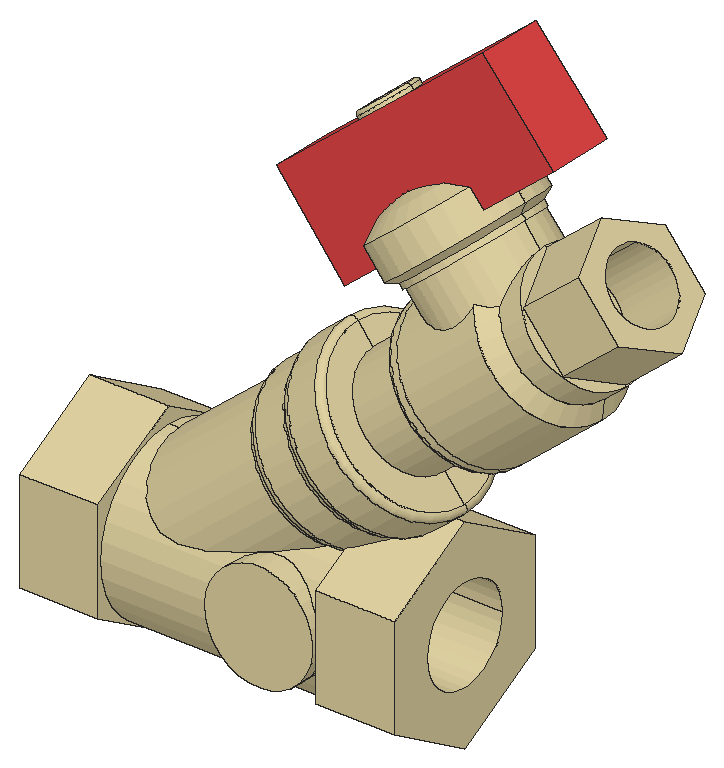
Revit family "DA02280000", category Apparecchi idraulici, Revit 2020
Family settings
  Quota connettore circolare = Usa diametro
  Tipo di parte = Normale
  Numero OmniClass = 23.45.00.00
  Titolo OmniClass = Sanitary, Laundry, and Cleaning Equipment
  Basato su piano di lavoro = No
  Sempre verticale = Sì
  Taglio con vuoti quando caricato = No
  Condiviso = No
  Punto di calcolo locali = No
Parameters
  URL = "https://web.cimberio.com/index.php/figura/1613?subcategoria_id=103"
  Temperatura di esercizio = "-10 ÷ 150°C"
  Prospetto di default = 0 mm
  Produttore = "CIMBERIO SPA"
  Pressione nominale = "PN 20"
  Modello = "Cim 74ACRNL/2"
  Materiale = "Prodotto in lega di ottone “CR” – “DZR\" conforme alla norma EN 12165-CW511L-M nelle misure fino a 1\"1/2 e alla norma EN 1982-CB770S Pb 0,2% max nelle misure da 2\""
  Descrizione = "Utilizzato per la filtrazione degli impianti di riscaldamento, idrici, igienico-sanitari, aria compressa e in generale con ogni fluido non corrosivo"
  DN Model [instance] = DA02281015 : DA02281015
  DN [instance] = 15 mm
  Commenti sul tipo = "Realizzato in ottemperanza ai requisiti gestionali della norma EN ISO 9001. Collaudato al 100% secondo la normativa EN 12266-1"
Reference planes
  plane 1 "Centro (Fronte/Retro)": y = 0
  plane 2: z = 0
  plane 3 "Centro (Sinistra/Destra)": x = 0
Dimensions and locks
  aligned and locked: level to plane 2
Nested families
  nested 1: "DA02281015" at (0, 0, 0), type <- "DN Model", type "DA02281015"
  nested 2: "DA02281015" at (0, 0, 0), type <- "DN Model", type "DA02281015"
  nested 3: "DA02281015" at (0, 0, 0), type <- "DN Model", type "DA02281015"
  nested 4: "DA02281015" at (0, 0, 0), type <- "DN Model", type "DA02281015"
  nested 5: "DA02281015" at (0, 0, 0), type <- "DN Model", type "DA02281015"
  nested 6: "DA02281015" at (0, 0, 0), type <- "DN Model", type "DA02281015"
Connectors
  piping at (29.5, 0, 0), diameter 15, driven by "DN"
    settings: on nested 1, index 1, connector inside diameter 609.6 mm, connector length 0 mm, flow factor 0, pipe flow 0.0 L/s, pressure drop 0.0 Pa, fitting loss kfactor 0, connector angle 0.00°, fixture units 0, engagement length 0 mm, angle of deflection 0.00°, flow configuration 0, flow direction 0, fitting loss method 0, system type 7, joint type 0, gender type 0, connector reference index -1, connector utility 0, adjustable connector no, is connector primary yes, connector description ""
  piping at (-29.5, 0, 0), diameter 15, driven by "DN"
    settings: on nested 1, index 2, connector inside diameter 609.6 mm, connector length 0 mm, flow factor 0, pipe flow 0.0 L/s, pressure drop 0.0 Pa, fitting loss kfactor 0, connector angle 0.00°, fixture units 0, engagement length 0 mm, angle of deflection 0.00°, flow configuration 0, flow direction 0, fitting loss method 0, system type 7, joint type 0, gender type 0, connector reference index -1, connector utility 0, adjustable connector no, is connector primary no, connector description ""
Definition of nested family "DA02281015"
  Parameters (values of type "DA02281015")
    Default Elevation = 0 mm
  Reference planes
    plane 1 "Centro (Fronte/Retro)": y = 0
    plane 2: z = 0
    plane 3 "Centro (Sinistra/Destra)": x = 0
  Forms (mm)
    Revolve 1, solid
      sketch origin (0, 0, 0) x (1, 0, 0) y (0, 0, 1)
        loop
          line (-19, -13.477) -> (19, -13.477) -> (19, -7.5) -> (-19, -7.5) -> (-19, -13.477)
        axis (-19, 0) -> (19, 0)
      angle from 0 to 360
    Revolve 2, solid
      sketch origin (0.395, 0, -1.85) x (1, 0, 0) y (0, 0, 1)
        loop
          line (15.91, 36.061) -> (12.302, 40.36)
          arc (12.302, 40.36) -> (11.612, 40.72) -> (10.87, 40.486) r 1.017
          line (10.87, 40.486) -> (6.597, 36.9)
          arc (6.597, 36.9) -> (6.216, 36.404) -> (6.062, 35.799) r 1.559
          arc (6.062, 35.799) -> (5.909, 35.197) -> (5.533, 34.703) r 1.56
          line (5.533, 34.703) -> (1.109, 30.99)
          arc (1.109, 30.99) -> (0.725, 30.497) -> (0.576, 29.89) r 1.493
          arc (0.576, 29.89) -> (0.431, 29.291) -> (0.056, 28.801) r 1.493
          line (0.056, 28.801) -> (-19.963, 12.003) -> (-16.987, 8.457) -> (15.91, 36.061)
        axis (20.731, 30.316) -> (-12.167, 2.712)
      angle from 0 to 360
    Extrusion 3, solid
      sketch origin (0, 0, 0) x (0, 1, 0) y (0, 0, 1)
        loop
          circle (0, 0) r 7.5
        loop
          line (0, 16) -> (-13.856, 8) -> (-13.856, -8) -> (0, -16) -> (13.856, -8) -> (13.856, 8) -> (0, 16)
      from -29.5 to -17.201
    Extrusion 4, solid
      sketch origin (16.422, 0, 26.751) x (0, 1, 0) y (-0.642788, 0, 0.766044)
        loop
          circle (0, -1.145) r 8.831
      from 4.705 to 16.199
    Extrusion 5, solid
      sketch origin (0, 0, 0) x (0, 1, 0) y (0, 0, -1)
        loop
          circle (0, 0) r 7.5
        loop
          line (0, -16) -> (13.856, -8) -> (13.856, 8) -> (0, 16) -> (-13.856, 8) -> (-13.856, -8) -> (0, -16)
      from -29.5 to -17.201
    Extrusion 6, solid
      sketch origin (0, 0, 0) x (1, 0, 0) y (0, 0, 1)
        loop
          arc (-0.057, 0.246) -> (5.31, -7.944) -> (14.85, -5.741) r 8.56
          arc (14.85, -5.741) -> (11.69, 7.944) -> (-0.057, 0.246) r 8.56
      from -13.856 to 14.25
    Revolve 7, solid
      sketch origin (0, 0, 0) x (1, 0, 0) y (0, 0, 1)
        loop
          arc (37.271, 27.105) -> (37.747, 26.858) -> (38.258, 27.02) r 0.7
          line (38.258, 27.02) -> (39.253, 27.855) -> (51.319, 37.978) -> (51.596, 41.148) -> (55.043, 44.041) -> (48.615, 51.701) -> (29.847, 35.953) -> (37.271, 27.105)
        axis (29.847, 35.953) -> (48.615, 51.701)
      angle from 0 to 360
    Revolve 8, solid
      sketch origin (0, 0, 0) x (1, 0, 0) y (0, 0, 1)
        loop
          line (39.138, 64.396) -> (35.678, 68.377)
          arc (35.678, 68.377) -> (32.099, 67.865) -> (28.69, 66.664) r 18.396
          arc (28.69, 66.664) -> (26.333, 65.343) -> (24.196, 63.691) r 18.354
          line (24.196, 63.691) -> (31.222, 55.317) -> (39.116, 61.941) -> (38.509, 62.665) -> (39.138, 64.396)
        axis (31.222, 55.317) -> (24.196, 63.691)
      angle from 0 to 360
    Revolve 9, solid
      sketch origin (0, 0, 0) x (1, 0, 0) y (0, 0, 1)
        loop
          line (38.882, 61.745) -> (33.408, 57.152) -> (38.684, 50.864) -> (44.158, 55.457) -> (38.882, 61.745)
        axis (31.222, 55.317) -> (36.498, 49.029)
      angle from 0 to 360
    Extrusion 10, solid
      sketch origin (0, 0, 0) x (1, 0, 0) y (0, 0, 1)
        loop
          line (47.93, 74.298) -> (36.776, 87.13) -> (4.29, 59.871) -> (14.99, 46.658) -> (47.93, 74.298)
      from -5.007 to 5.45
    Revolve 11, solid
      sketch origin (0, 0, 0) x (1, 0, 0) y (0, 0, 1)
        loop
          arc (20.978, 74.526) -> (20.638, 74.703) -> (20.273, 74.588) r 0.5
          line (20.273, 74.588) -> (17.222, 72.021) -> (18.177, 70.882) -> (21.615, 73.767) -> (20.978, 74.526)
        axis (18.177, 70.882) -> (17.219, 72.025)
      angle from 0 to 360
    Extrusion 12, solid
      sketch origin (48.615, 0, 51.701) x (0.55667, -0.5, -0.663414) y (0.321394, 0.866025, -0.383022)
        loop
          line (0, 9.75) -> (-8.444, 4.875) -> (-8.444, -4.875) -> (0, -9.75) -> (8.444, -4.875) -> (8.444, 4.875) -> (0, 9.75)
        loop
          circle (0, 0) r 5.759
      from 0 to 11.515
  Dimensions and locks
    aligned and locked: level to plane 2
